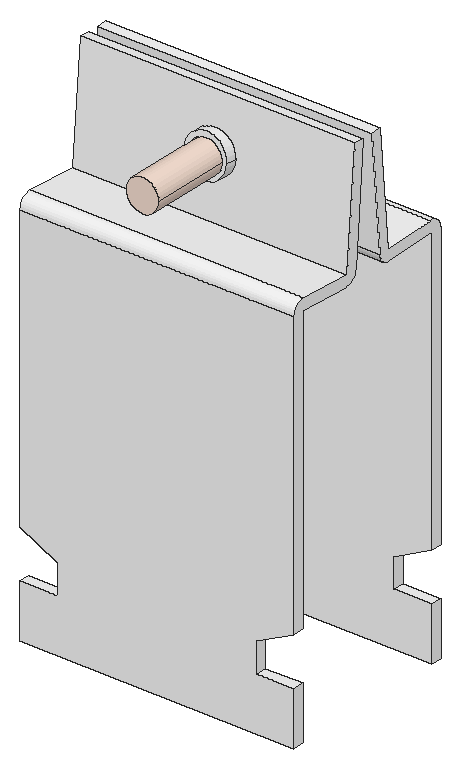
Revit family "jujidome_60x30", category 機械設備, Revit 2022
Family settings
  丸型コネクタ寸法 = 直径を使用
  種別 = なし
  パーツ タイプ = 標準
  作業面ベース = いいえ
  常に垂直 = はい
  ロード時にボイドで切り取り = いいえ
  注釈の向きを維持 = いいえ
  共有 = いいえ
  部屋計算ポイント = いいえ
Parameters
  製造元 = "株式会社桐井製作所"
  既定の高さ = 0 mm
  URL = "https://www.kirii.co.jp/"
  K_品名 = "十字止め金具60×30"
  K_名称 = "特殊クリップ"
  K_入数 = "100"
  K_バージョン情報 = "20211012"
Reference planes
  plane 1 "中心(正面/背面)": y = 0
  plane 2: z = 0
  plane 3 "中心(左/右)": x = 0
Forms (mm)
  Extrusion 1, solid
    sketch origin (0, 0, 0) x (0, 1, 0) y (0, 0, 1)
      loop
        line (-15, 0.522) -> (-5.096, 0.003)
        arc (-5.096, 0.003) -> (-3.538, 0.54) -> (-2.789, 2.008) r 2.2
        line (-2.789, 2.008) -> (-0.96, 22.921) -> (-2.952, 23.095) -> (-4.798, 1.99) -> (-14.685, 2.508)
        arc (-14.685, 2.508) -> (-16.314, 1.907) -> (-17, 0.311) r 2.2
        line (-17, 0.311) -> (-17, -71.6) -> (-15, -71.6) -> (-15, 0.522)
    from -25.5 to 25.5
  Extrusion 2, void
    sketch origin (0, -1.419, -0.249) x (1, 0, 0) y (0, 0.087156, 0.996195)
      loop
        circle (0, 13.133) r 3.5
    from 1.562 to 3.562
  Extrusion 3, solid
    sketch origin (0, 0, 0) x (0, -1, 0) y (0, 0, -1)
      loop
        line (-15, -0.522) -> (-15, 71.6) -> (-17, 71.6) -> (-17, -0.311)
        arc (-17, -0.311) -> (-16.314, -1.907) -> (-14.685, -2.508) r 2.2
        line (-14.685, -2.508) -> (-4.798, -1.99) -> (-2.952, -23.095) -> (-0.96, -22.921) -> (-2.789, -2.008)
        arc (-2.789, -2.008) -> (-3.538, -0.54) -> (-5.096, -0.003) r 2.2
        line (-5.096, -0.003) -> (-15, -0.522)
    from -25.5 to 25.5
  Extrusion 4, void
    sketch origin (0, 1.419, -0.249) x (1, 0, 0) y (0, 0.087156, -0.996195)
      loop
        circle (0, -13.133) r 3.5
    from 1.562 to 3.562
  Extrusion 5, solid
    sketch origin (0, -1.117, -0.276) x (1, 0, 0) y (0, 0.087156, 0.996195)
      loop
        circle (0, 13.133) r 3
      loop
        circle (0, 13.133) r 4
    from 3.865 to 5.808
  Extrusion 6, void
    sketch origin (0, 0, 0) x (1, 0, 0) y (0, 0, 1)
      loop
        line (-25.5, -52.6) -> (-25.5, -61.6) -> (-18.5, -61.6) -> (-18.5, -56.1) -> (-25.5, -52.6)
      loop
        line (18.5, -56.1) -> (18.5, -61.6) -> (25.5, -61.6) -> (25.5, -52.6) -> (18.5, -56.1)
    from 15 to 17
  Extrusion 7, void
    sketch origin (0, 32, 0) x (1, 0, 0) y (0, 0, 1)
      loop
        line (-25.5, -52.6) -> (-25.5, -61.6) -> (-18.5, -61.6) -> (-18.5, -56.1) -> (-25.5, -52.6)
      loop
        line (18.5, -56.1) -> (18.5, -61.6) -> (25.5, -61.6) -> (25.5, -52.6) -> (18.5, -56.1)
    from 15 to 17
Cuts and joins
  Extrusion 2, Extrusion 4, Extrusion 6, Extrusion 7 cuts Extrusion 1
  Extrusion 7 cuts Extrusion 5
  joined: Extrusion 1, Extrusion 5
  Extrusion 4, Extrusion 7 cuts Extrusion 3
Dimensions and locks
  aligned and locked: level to plane 2
Nested families
  nested 1: "M6×25ボルト" at (0, 4.603, 13.345) x (1, 0, 0) z (0, -0.0018, 1), type "M6×25ボルト"
Definition of nested family "M6×25ボルト"
  Parameters (values of type "M6×25ボルト")
    Manufacturer = "株式会社桐井製作所"
    Default Elevation = 0 mm
    URL = "https://www.kirii.co.jp/"
    K_名称 = "M6×25ボルト"
  Reference planes
    plane 1 "中心(正面/背面)": y = 0
    plane 2: z = 0
    plane 3 "中心(左/右)": x = 0
    plane 4 "正面": y = -4
  Forms (mm)
    Extrusion 1, solid
      sketch origin (0, 0, 0) x (1, 0, 0) y (0, 0, 1)
        loop
          line (-4.763, -2.946) -> (0, -5.696) -> (4.763, -2.946) -> (4.763, 2.554) -> (0, 5.304) -> (-4.763, 2.554) -> (-4.763, -2.946)
      from 0 to 4
    Extrusion 2, void
      sketch origin (0, -4, 0) x (-1, 0, 0) y (0, 0, 1)
        loop
          circle (0, -0.156) r 4.396
      from 0 to 1
    Extrusion 3, void
      sketch origin (0, -4, 0) x (-1, 0, 0) y (0, 0, 1)
        loop
          arc (-0.6, 1.814) -> (-1.069, 0.856) -> (-2.036, 0.404) r 1.605
          line (-2.036, 0.404) -> (-2.939, 0.404)
          arc (-2.939, 0.404) -> (-3, -0.195) -> (-2.94, -0.795) r 3
          line (-2.94, -0.795) -> (-2.049, -0.795)
          arc (-2.049, -0.795) -> (-1.074, -1.243) -> (-0.6, -2.206) r 1.605
          line (-0.6, -2.206) -> (-0.6, -3.135)
          arc (-0.6, -3.135) -> (0, -3.196) -> (0.6, -3.135) r 3
          line (0.6, -3.135) -> (0.6, -2.206)
          arc (0.6, -2.206) -> (1.074, -1.243) -> (2.049, -0.795) r 1.605
          line (2.049, -0.795) -> (2.94, -0.795)
          arc (2.94, -0.795) -> (3, -0.198) -> (2.941, 0.398) r 3
          line (2.941, 0.398) -> (2.117, 0.398)
          arc (2.117, 0.398) -> (1.098, 0.828) -> (0.6, 1.814) r 1.605
          line (0.6, 1.814) -> (0.6, 2.743)
          arc (0.6, 2.743) -> (0, 2.804) -> (-0.6, 2.743) r 3
          line (-0.6, 2.743) -> (-0.6, 1.814)
      from 0 to 2
    Extrusion 4, solid
      sketch origin (0, 0, 0) x (1, 0, 0) y (0, 0, 1)
        loop
          circle (-0.011, -0.2) r 3
      from 0 to -25
  Cuts and joins
    Extrusion 2, Extrusion 3 cuts Extrusion 1
    joined: Extrusion 1, Extrusion 4
  Dimensions and locks
    aligned and locked: level to plane 2
